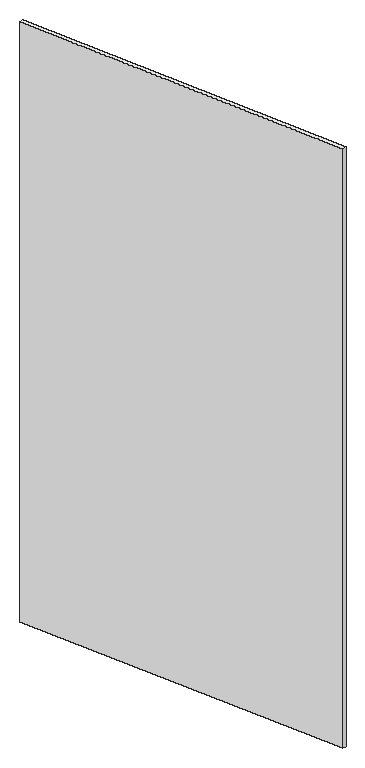
Revit family "Gaius Mirror_", category Casework, Revit 2012
Parameters (values of type "6107")
  materiaali = Mirror
  Top Height [instance] = 1900 mm
  Depth = 6 mm
  Height = 1000 mm
  Width = 600 mm
  Construction Type = ""
Types (4, lengths in mm): name | Height | Width
  (no name) | 1000 | 600
  6101 | 900 | 600
  6102 | 1000 | 900
  6107 | 1000 | 600
Reference planes
  plane 1 "Back": y = 0
  plane 2: z = 900
  plane 3 "Center (Left/Right)": x = 44.7
  plane 4 "Front": y = -6
  plane 5 "Left": x = -255.3
  plane 6 "Right": x = 344.7
  plane 7 "Top": z = 1900
  plane 8: z = 0
Forms (mm)
  Extrusion 1, solid, material "Mirror"
    sketch origin (0, -6, 0) x (1, 0, 0) y (0, 0, 1)
      loop
        line (-255.3, 1900) -> (-255.3, 900) -> (344.7, 900) -> (344.7, 1900) -> (-255.3, 1900)
    from 0 to -6
Dimensions and locks
  "Width": plane 6 "Right" to plane 5 "Left"
  equal spacing: plane 6 "Right", plane 3 "Center (Left/Right)", plane 5 "Left"
  "Depth": plane 4 "Front" to plane 1 "Back"
  "Top Height": level to plane 7 "Top"
  "Height": plane 7 "Top" to plane 2
  aligned and locked: Extrusion 1 to plane 1 "Back"
  aligned and locked: Extrusion 1 to plane 2
  aligned and locked: level to plane 8
Automatic sketch dimensions
  level to Extrusion 1 sketch curve = 900 mm
  Extrusion 1 sketch curve to plane 5 "Left" = 0 mm
  Extrusion 1 sketch curve to plane 6 "Right" = 0 mm
  Extrusion 1 sketch curve to plane 7 "Top" = 0 mm
